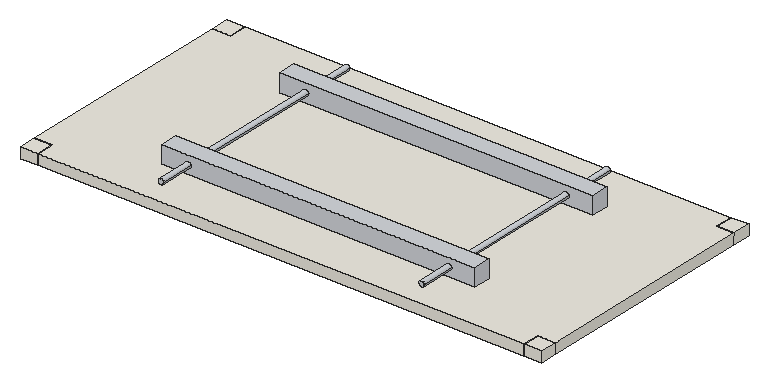
Revit family "LED-PL-CSVT", category Осветительные приборы, Revit 2019 (continued)
Types (9, lengths in mm): name | built-in parameter 1150134 | Файл фотометрической сетки | built-in parameter 1150105 | Lumens | built-in parameter 1150106 | built-in parameter 1150142 | Wattage | built-in parameter 1150107 | Emit from Rectangle Width | Emit from Rectangle Length | Длина | Ширина | L1 | L | ADSK_Ток | ADSK_Полная мощность | ADSK_Обозначение | ADSK_Номинальная мощность | ADSK_Наименование | ADSK_Масса | ADSK_Код изделия
  LED PL-CSVT-38 295x1195 х10 (KROKUS) (IP54/IP20, 4000K, белый) c БАП на 1 час | 12 | "Светильник LED-PL-CSVT-38-(295x1195).IES" | 302.39 (stored number, unit not read) | 3800 lm | 3.0239 (stored number, unit not read) | "IESNA:LM-63-95\r\n[TEST] Протокол № 50-12 \r\n[DATA] 20.06.2016\r\n[MORE] \r\n[MANUFAC] ЗАО \"Центрстройсвет\"\r\n[LUMCAT]  Светильник ALUMOGIPS-38/OPAL-SAND-(610x610)\r\n[LUMINAIRE]\r\n[LAMPCAT] Светодиоды\r\n[LAMP] Поток источника света (светодиодов) не известен\r\n[MORE] КСС приведена в абсолютных величинах кд\r\n[MORE] Вместо потока лампы, указан поток светильника.\r\nTILT=NONE\r\n1    3750 1.0 37 73 1 2 0.61 0.61 0.04\r\n1.0 1.0 38.7\r\n0.0 5.0 10.0 15.0 20.0 25.0 30.0 35.0 40.0 45.0 50.0 55.0 60.0 65.0 70.0 75.0 80.0 85.0 90.0 95.0 100.0 105.0 110.0 115.0 120.0 125.0 130.0 135.0 140.0 145.0 150.0 155.0 160.0 165.0 170.0 175.0 180.0\r\n0.0 5.0 10.0 15.0 20.0 25.0 30.0 35.0 40.0 45.0 50.0 55.0 60.0 65.0 70.0 75.0 80.0 85.0 90.0 95.0 100.0 105.0 110.0 115.0 120.0 125.0 130.0 135.0 140.0 145.0 150.0 155.0 160.0 165.0 170.0 175.0 180.0 185.0 190.0 195.0 200.0 205.0 210.0 215.0 220.0 225.0 230.0 235.0 240.0 245.0 250.0 255.0 260.0 265.0 270.0 275.0 280.0 285.0 290.0 295.0 300.0 305.0 310.0 315.0 320.0 325.0 330.0 335.0 340.0 345.0 350.0 355.0 360.0\r\n1391.4 1390.6 1365.7 1330.6 1277.5 1214.9 1147.5 1059.6 967.6 873.2 772.4 664.9 556.3 449.1 342.7 240.6 147.1 64.2 4.7 0.0 0.0 0.0 0.0 0.0 0.0 0.0 0.0 0.0 0.0 0.0 0.0 0.0 0.0 0.0 0.0 0.0 0.0\r\n1391.4 1390.5 1367.8 1332.7 1284.3 1221.3 1147.0 1062.1 969.2 872.4 773.2 666.3 557.1 450.1 343.8 241.9 146.9 64.7 5.2 0.0 0.0 0.0 0.0 0.0 0.0 0.0 0.0 0.0 0.0 0.0 0.0 0.0 0.0 0.0 0.0 0.0 0.0\r\n1391.4 1390.2 1372.0 1333.3 1277.3 1216.8 1144.5 1057.4 969.6 875.1 773.8 669.5 560.0 454.6 345.8 242.4 148.5 65.8 5.4 0.0 0.0 0.0 0.0 0.0 0.0 0.0 0.0 0.0 0.0 0.0 0.0 0.0 0.0 0.0 0.0 0.0 0.0\r\n1391.4 1389.8 1371.2 1330.7 1279.5 1220.5 1148.3 1059.9 967.7 873.2 767.5 666.8 561.4 453.0 347.1 243.7 149.9 65.6 5.8 0.0 0.0 0.0 0.0 0.0 0.0 0.0 0.0 0.0 0.0 0.0 0.0 0.0 0.0 0.0 0.0 0.0 0.0\r\n1391.4 1389.8 1368.3 1329.3 1285.0 1214.6 1141.1 1058.7 971.8 871.3 775.2 666.9 559.4 452.6 345.8 242.5 150.0 65.8 6.1 0.0 0.0 0.0 0.0 0.0 0.0 0.0 0.0 0.0 0.0 0.0 0.0 0.0 0.0 0.0 0.0 0.0 0.0\r\n1391.4 1390.5 1367.3 1332.3 1281.7 1219.0 1142.8 1064.6 970.5 874.4 772.1 667.5 560.2 453.0 346.2 241.8 149.4 65.7 5.6 0.0 0.0 0.0 0.0 0.0 0.0 0.0 0.0 0.0 0.0 0.0 0.0 0.0 0.0 0.0 0.0 0.0 0.0\r\n1391.4 1391.4 1368.1 1333.5 1277.3 1215.7 1139.0 1059.6 968.1 872.4 771.6 667.4 558.8 453.3 344.3 243.9 148.4 65.7 5.4 0.0 0.0 0.0 0.0 0.0 0.0 0.0 0.0 0.0 0.0 0.0 0.0 0.0 0.0 0.0 0.0 0.0 0.0\r\n1391.4 1391.7 1368.1 1330.4 1278.2 1213.9 1142.4 1061.6 967.4 875.1 772.0 669.3 561.1 452.5 345.2 242.1 148.3 65.4 5.5 0.0 0.0 0.0 0.0 0.0 0.0 0.0 0.0 0.0 0.0 0.0 0.0 0.0 0.0 0.0 0.0 0.0 0.0\r\n1391.4 1391.5 1371.0 1328.4 1278.5 1216.7 1142.1 1061.2 971.8 874.7 772.1 668.9 560.8 452.9 345.4 243.3 147.7 66.0 5.4 0.0 0.0 0.0 0.0 0.0 0.0 0.0 0.0 0.0 0.0 0.0 0.0 0.0 0.0 0.0 0.0 0.0 0.0\r\n1391.4 1391.5 1373.2 1330.5 1277.3 1215.5 1143.2 1063.6 967.0 872.7 772.2 669.4 558.9 453.2 346.6 241.9 148.1 65.2 5.5 0.0 0.0 0.0 0.0 0.0 0.0 0.0 0.0 0.0 0.0 0.0 0.0 0.0 0.0 0.0 0.0 0.0 0.0\r\n1391.4 1391.4 1369.7 1328.3 1281.3 1216.0 1139.8 1057.9 968.7 875.3 773.9 667.6 561.8 454.0 344.0 243.1 147.2 65.6 5.5 0.0 0.0 0.0 0.0 0.0 0.0 0.0 0.0 0.0 0.0 0.0 0.0 0.0 0.0 0.0 0.0 0.0 0.0\r\n1391.4 1390.5 1367.9 1330.1 1278.1 1218.1 1138.9 1061.0 970.0 871.8 770.4 669.3 560.2 453.4 346.9 242.1 148.3 65.2 5.2 0.0 0.0 0.0 0.0 0.0 0.0 0.0 0.0 0.0 0.0 0.0 0.0 0.0 0.0 0.0 0.0 0.0 0.0\r\n1391.4 1389.3 1368.2 1329.1 1280.8 1214.4 1142.5 1059.2 967.2 874.3 772.4 668.0 563.1 452.3 345.7 242.8 146.8 64.9 5.1 0.0 0.0 0.0 0.0 0.0 0.0 0.0 0.0 0.0 0.0 0.0 0.0 0.0 0.0 0.0 0.0 0.0 0.0\r\n1391.4 1388.6 1367.4 1327.8 1278.0 1215.7 1141.0 1061.0 971.5 877.3 771.2 667.3 561.5 453.0 346.4 242.4 146.3 64.8 5.2 0.0 0.0 0.0 0.0 0.0 0.0 0.0 0.0 0.0 0.0 0.0 0.0 0.0 0.0 0.0 0.0 0.0 0.0\r\n1391.4 1388.0 1367.6 1326.7 1278.3 1218.0 1140.9 1061.5 968.4 873.4 770.1 666.6 562.1 454.6 344.8 241.8 146.4 64.0 5.5 0.0 0.0 0.0 0.0 0.0 0.0 0.0 0.0 0.0 0.0 0.0 0.0 0.0 0.0 0.0 0.0 0.0 0.0\r\n1391.4 1387.2 1366.1 1331.0 1281.4 1216.3 1142.7 1059.1 969.4 871.5 772.2 667.3 560.5 453.0 344.4 242.2 146.4 63.8 5.6 0.0 0.0 0.0 0.0 0.0 0.0 0.0 0.0 0.0 0.0 0.0 0.0 0.0 0.0 0.0 0.0 0.0 0.0\r\n1391.4 1387.1 1366.3 1328.7 1276.9 1214.5 1141.2 1059.3 968.4 874.3 775.5 668.3 562.5 454.9 346.4 241.3 146.2 63.5 5.7 0.0 0.0 0.0 0.0 0.0 0.0 0.0 0.0 0.0 0.0 0.0 0.0 0.0 0.0 0.0 0.0 0.0 0.0\r\n1391.4 1388.4 1366.0 1329.7 1279.2 1217.9 1140.0 1060.5 969.0 873.9 772.0 671.3 560.4 453.2 343.7 241.7 145.8 63.7 5.4 0.0 0.0 0.0 0.0 0.0 0.0 0.0 0.0 0.0 0.0 0.0 0.0 0.0 0.0 0.0 0.0 0.0 0.0\r\n1391.4 1389.6 1367.7 1329.3 1277.2 1211.1 1140.1 1061.0 971.0 871.2 769.2 669.1 561.5 453.1 343.3 241.9 145.8 63.4 5.2 0.0 0.0 0.0 0.0 0.0 0.0 0.0 0.0 0.0 0.0 0.0 0.0 0.0 0.0 0.0 0.0 0.0 0.0\r\n1391.4 1388.8 1366.9 1327.1 1279.4 1214.2 1142.5 1056.4 970.7 870.3 771.0 665.1 560.4 453.3 343.8 241.1 145.7 63.4 5.2 0.0 0.0 0.0 0.0 0.0 0.0 0.0 0.0 0.0 0.0 0.0 0.0 0.0 0.0 0.0 0.0 0.0 0.0\r\n1391.4 1387.2 1365.8 1328.9 1276.6 1210.2 1141.4 1059.3 966.6 871.4 770.5 667.4 559.2 451.4 344.2 241.0 145.6 63.2 5.1 0.0 0.0 0.0 0.0 0.0 0.0 0.0 0.0 0.0 0.0 0.0 0.0 0.0 0.0 0.0 0.0 0.0 0.0\r\n1391.4 1386.8 1364.4 1329.8 1279.4 1213.7 1144.0 1059.0 965.3 873.7 768.8 668.9 559.4 449.5 342.6 241.5 144.6 63.4 5.0 0.0 0.0 0.0 0.0 0.0 0.0 0.0 0.0 0.0 0.0 0.0 0.0 0.0 0.0 0.0 0.0 0.0 0.0\r\n1391.4 1388.1 1365.8 1328.1 1273.8 1213.4 1137.9 1059.2 967.3 869.2 769.3 667.7 558.4 451.4 344.0 240.6 145.7 63.4 4.9 0.0 0.0 0.0 0.0 0.0 0.0 0.0 0.0 0.0 0.0 0.0 0.0 0.0 0.0 0.0 0.0 0.0 0.0\r\n1391.4 1389.2 1364.4 1323.2 1276.3 1213.8 1137.6 1055.3 963.1 871.0 767.7 664.1 559.7 447.1 342.4 240.1 145.2 63.9 5.1 0.0 0.0 0.0 0.0 0.0 0.0 0.0 0.0 0.0 0.0 0.0 0.0 0.0 0.0 0.0 0.0 0.0 0.0\r\n1391.4 1388.4 1362.3 1326.8 1274.4 1212.2 1137.9 1054.7 966.7 867.9 768.7 663.4 557.3 449.2 343.3 240.0 145.7 63.6 5.0 0.0 0.0 0.0 0.0 0.0 0.0 0.0 0.0 0.0 0.0 0.0 0.0 0.0 0.0 0.0 0.0 0.0 0.0\r\n1391.4 1386.2 1361.8 1326.5 1273.3 1211.2 1134.5 1048.6 964.3 866.3 767.8 662.9 556.7 449.5 341.9 239.8 145.7 63.7 5.0 0.0 0.0 0.0 0.0 0.0 0.0 0.0 0.0 0.0 0.0 0.0 0.0 0.0 0.0 0.0 0.0 0.0 0.0\r\n1391.4 1384.4 1363.5 1324.4 1272.0 1209.5 1137.2 1053.0 960.2 867.5 767.9 662.7 556.7 449.2 342.5 239.1 146.2 63.8 4.8 0.0 0.0 0.0 0.0 0.0 0.0 0.0 0.0 0.0 0.0 0.0 0.0 0.0 0.0 0.0 0.0 0.0 0.0\r\n1391.4 1383.7 1362.4 1324.4 1274.0 1209.5 1134.4 1050.1 965.4 864.9 764.6 662.3 556.6 447.9 340.5 240.3 145.5 64.6 4.6 0.0 0.0 0.0 0.0 0.0 0.0 0.0 0.0 0.0 0.0 0.0 0.0 0.0 0.0 0.0 0.0 0.0 0.0\r\n1391.4 1384.4 1361.9 1326.9 1270.2 1207.3 1132.7 1050.1 959.7 867.7 763.1 662.2 555.0 447.3 343.0 238.3 145.8 63.9 4.7 0.0 0.0 0.0 0.0 0.0 0.0 0.0 0.0 0.0 0.0 0.0 0.0 0.0 0.0 0.0 0.0 0.0 0.0\r\n1391.4 1385.1 1363.0 1320.0 1270.4 1207.9 1134.4 1055.0 963.5 867.3 766.7 660.7 555.9 450.1 342.6 240.2 145.9 64.3 4.9 0.0 0.0 0.0 0.0 0.0 0.0 0.0 0.0 0.0 0.0 0.0 0.0 0.0 0.0 0.0 0.0 0.0 0.0\r\n1391.4 1384.9 1362.3 1321.4 1273.1 1208.0 1135.4 1052.3 961.9 865.0 764.0 660.8 553.5 447.6 341.2 240.3 146.1 63.8 4.8 0.0 0.0 0.0 0.0 0.0 0.0 0.0 0.0 0.0 0.0 0.0 0.0 0.0 0.0 0.0 0.0 0.0 0.0\r\n1391.4 1383.8 1361.2 1322.1 1265.1 1211.5 1132.8 1049.3 961.3 863.4 764.0 661.0 550.7 447.9 341.0 240.1 146.2 63.8 4.6 0.0 0.0 0.0 0.0 0.0 0.0 0.0 0.0 0.0 0.0 0.0 0.0 0.0 0.0 0.0 0.0 0.0 0.0\r\n1391.4 1382.8 1359.3 1321.5 1269.3 1206.8 1132.8 1051.1 958.3 863.2 763.1 662.7 553.4 448.0 340.4 240.0 145.8 63.8 4.0 0.0 0.0 0.0 0.0 0.0 0.0 0.0 0.0 0.0 0.0 0.0 0.0 0.0 0.0 0.0 0.0 0.0 0.0\r\n1391.4 1382.6 1359.0 1319.6 1268.1 1204.3 1129.8 1049.0 957.7 861.8 761.7 658.4 554.2 446.1 340.4 239.0 145.6 63.8 3.8 0.0 0.0 0.0 0.0 0.0 0.0 0.0 0.0 0.0 0.0 0.0 0.0 0.0 0.0 0.0 0.0 0.0 0.0\r\n1391.4 1382.8 1358.5 1315.8 1266.5 1202.1 1128.5 1049.2 957.6 860.0 762.1 658.2 549.9 443.8 339.6 238.4 145.7 63.6 3.7 0.0 0.0 0.0 0.0 0.0 0.0 0.0 0.0 0.0 0.0 0.0 0.0 0.0 0.0 0.0 0.0 0.0 0.0\r\n1391.4 1382.2 1360.5 1319.2 1265.9 1204.5 1129.9 1046.9 955.0 862.9 758.9 657.9 552.5 444.9 338.9 238.8 145.3 63.6 3.3 0.0 0.0 0.0 0.0 0.0 0.0 0.0 0.0 0.0 0.0 0.0 0.0 0.0 0.0 0.0 0.0 0.0 0.0\r\n1391.4 1381.1 1361.2 1321.0 1268.1 1203.8 1128.8 1047.4 955.6 863.7 761.1 656.4 551.5 445.2 339.2 238.5 144.7 62.5 3.5 0.0 0.0 0.0 0.0 0.0 0.0 0.0 0.0 0.0 0.0 0.0 0.0 0.0 0.0 0.0 0.0 0.0 0.0\r\n1391.4 1380.6 1359.0 1316.4 1268.5 1204.0 1126.1 1049.5 956.2 859.6 759.7 656.5 549.2 444.3 338.4 236.1 143.8 61.6 3.2 0.0 0.0 0.0 0.0 0.0 0.0 0.0 0.0 0.0 0.0 0.0 0.0 0.0 0.0 0.0 0.0 0.0 0.0\r\n1391.4 1380.7 1356.6 1316.0 1267.0 1205.6 1130.3 1044.8 956.9 856.7 759.3 653.5 548.1 441.9 335.3 235.4 141.4 60.3 2.9 0.0 0.0 0.0 0.0 0.0 0.0 0.0 0.0 0.0 0.0 0.0 0.0 0.0 0.0 0.0 0.0 0.0 0.0\r\n1391.4 1380.4 1354.4 1317.9 1268.8 1199.0 1129.0 1044.0 956.9 860.6 758.3 656.9 549.1 442.0 334.4 236.1 141.7 60.5 2.6 0.0 0.0 0.0 0.0 0.0 0.0 0.0 0.0 0.0 0.0 0.0 0.0 0.0 0.0 0.0 0.0 0.0 0.0\r\n1391.4 1380.1 1356.7 1322.1 1264.6 1201.7 1129.9 1047.4 957.2 859.7 758.2 656.1 549.4 442.8 335.3 235.8 141.3 60.6 2.3 0.0 0.0 0.0 0.0 0.0 0.0 0.0 0.0 0.0 0.0 0.0 0.0 0.0 0.0 0.0 0.0 0.0 0.0\r\n1391.4 1379.9 1357.3 1317.5 1265.9 1207.8 1129.2 1046.5 955.7 860.2 758.6 656.9 550.7 441.9 335.4 233.9 140.6 60.2 2.4 0.0 0.0 0.0 0.0 0.0 0.0 0.0 0.0 0.0 0.0 0.0 0.0 0.0 0.0 0.0 0.0 0.0 0.0\r\n1391.4 1379.2 1355.5 1314.6 1269.3 1203.7 1133.5 1044.8 957.2 857.9 762.0 656.6 548.7 440.4 335.9 234.5 140.4 59.8 2.8 0.0 0.0 0.0 0.0 0.0 0.0 0.0 0.0 0.0 0.0 0.0 0.0 0.0 0.0 0.0 0.0 0.0 0.0\r\n1391.4 1377.9 1357.1 1319.2 1271.9 1204.4 1128.6 1050.2 953.1 856.9 757.6 653.7 548.9 439.9 335.4 232.4 140.5 59.2 3.0 0.0 0.0 0.0 0.0 0.0 0.0 0.0 0.0 0.0 0.0 0.0 0.0 0.0 0.0 0.0 0.0 0.0 0.0\r\n1391.4 1377.2 1356.3 1322.9 1266.0 1204.8 1132.2 1049.0 958.1 859.3 759.0 654.6 547.0 441.6 334.9 232.1 139.3 58.8 2.9 0.0 0.0 0.0 0.0 0.0 0.0 0.0 0.0 0.0 0.0 0.0 0.0 0.0 0.0 0.0 0.0 0.0 0.0\r\n1391.4 1377.8 1353.8 1319.7 1269.6 1207.9 1135.8 1049.5 955.8 858.0 762.4 655.9 548.2 441.6 335.6 231.7 139.4 58.8 2.8 0.0 0.0 0.0 0.0 0.0 0.0 0.0 0.0 0.0 0.0 0.0 0.0 0.0 0.0 0.0 0.0 0.0 0.0\r\n1391.4 1378.5 1355.2 1319.8 1267.3 1206.5 1131.2 1046.1 954.6 861.2 756.6 653.8 548.1 440.3 335.0 232.6 138.6 59.0 2.9 0.0 0.0 0.0 0.0 0.0 0.0 0.0 0.0 0.0 0.0 0.0 0.0 0.0 0.0 0.0 0.0 0.0 0.0\r\n1391.4 1378.6 1355.1 1318.3 1269.7 1200.8 1133.1 1049.0 957.6 862.5 762.4 656.9 549.3 443.5 334.7 231.2 138.8 58.1 3.0 0.0 0.0 0.0 0.0 0.0 0.0 0.0 0.0 0.0 0.0 0.0 0.0 0.0 0.0 0.0 0.0 0.0 0.0\r\n1391.4 1378.8 1355.8 1321.7 1268.8 1210.0 1129.0 1048.5 958.8 862.4 762.2 656.4 549.0 441.1 335.4 231.5 138.5 58.1 3.0 0.0 0.0 0.0 0.0 0.0 0.0 0.0 0.0 0.0 0.0 0.0 0.0 0.0 0.0 0.0 0.0 0.0 0.0\r\n1391.4 1379.6 1357.6 1321.7 1269.0 1207.1 1133.9 1047.0 964.1 863.3 761.9 656.4 551.5 440.7 334.9 232.2 137.6 58.1 2.8 0.0 0.0 0.0 0.0 0.0 0.0 0.0 0.0 0.0 0.0 0.0 0.0 0.0 0.0 0.0 0.0 0.0 0.0\r\n1391.4 1380.6 1357.7 1319.2 1272.0 1207.5 1131.3 1054.6 959.0 863.3 764.8 655.9 549.1 443.0 335.1 231.3 138.0 58.1 2.7 0.0 0.0 0.0 0.0 0.0 0.0 0.0 0.0 0.0 0.0 0.0 0.0 0.0 0.0 0.0 0.0 0.0 0.0\r\n1391.4 1381.5 1358.5 1321.9 1271.0 1204.1 1135.9 1055.8 962.5 865.5 761.1 656.9 550.6 442.0 335.3 231.9 137.4 57.9 2.6 0.0 0.0 0.0 0.0 0.0 0.0 0.0 0.0 0.0 0.0 0.0 0.0 0.0 0.0 0.0 0.0 0.0 0.0\r\n1391.4 1381.3 1358.5 1322.3 1270.8 1207.2 1133.7 1051.9 958.0 867.3 767.5 657.0 552.1 442.3 333.6 231.2 137.9 57.8 2.6 0.0 0.0 0.0 0.0 0.0 0.0 0.0 0.0 0.0 0.0 0.0 0.0 0.0 0.0 0.0 0.0 0.0 0.0\r\n1391.4 1380.6 1359.4 1319.7 1270.6 1209.0 1133.0 1052.1 963.9 867.5 764.1 660.0 554.0 443.3 334.8 231.7 137.6 57.8 2.7 0.0 0.0 0.0 0.0 0.0 0.0 0.0 0.0 0.0 0.0 0.0 0.0 0.0 0.0 0.0 0.0 0.0 0.0\r\n1391.4 1381.3 1359.9 1321.3 1270.6 1204.8 1135.0 1051.3 962.1 865.5 761.7 660.3 553.1 443.5 334.1 231.9 137.9 57.8 2.8 0.0 0.0 0.0 0.0 0.0 0.0 0.0 0.0 0.0 0.0 0.0 0.0 0.0 0.0 0.0 0.0 0.0 0.0\r\n1391.4 1383.1 1362.1 1324.8 1273.8 1208.7 1134.8 1055.9 961.8 866.4 762.3 659.7 552.4 443.7 334.4 232.8 138.0 58.0 2.8 0.0 0.0 0.0 0.0 0.0 0.0 0.0 0.0 0.0 0.0 0.0 0.0 0.0 0.0 0.0 0.0 0.0 0.0\r\n1391.4 1384.6 1360.4 1321.7 1272.0 1210.6 1130.9 1052.5 963.1 866.7 767.4 659.3 553.7 444.6 335.4 233.1 138.3 58.0 2.8 0.0 0.0 0.0 0.0 0.0 0.0 0.0 0.0 0.0 0.0 0.0 0.0 0.0 0.0 0.0 0.0 0.0 0.0\r\n1391.4 1385.6 1357.5 1324.7 1273.9 1211.6 1134.3 1052.7 963.6 865.4 763.1 658.7 552.2 444.9 336.9 232.8 138.8 58.6 2.9 0.0 0.0 0.0 0.0 0.0 0.0 0.0 0.0 0.0 0.0 0.0 0.0 0.0 0.0 0.0 0.0 0.0 0.0\r\n1391.4 1386.4 1357.8 1323.4 1273.2 1212.2 1136.3 1054.7 967.5 867.5 764.0 659.4 553.3 443.7 336.8 233.2 138.9 58.5 3.1 0.0 0.0 0.0 0.0 0.0 0.0 0.0 0.0 0.0 0.0 0.0 0.0 0.0 0.0 0.0 0.0 0.0 0.0\r\n1391.4 1386.6 1362.0 1324.9 1273.2 1211.3 1139.0 1049.9 960.3 866.4 768.0 661.3 552.2 443.4 336.3 233.4 139.8 58.9 3.1 0.0 0.0 0.0 0.0 0.0 0.0 0.0 0.0 0.0 0.0 0.0 0.0 0.0 0.0 0.0 0.0 0.0 0.0\r\n1391.4 1386.0 1360.5 1326.0 1271.8 1212.0 1137.2 1059.3 963.5 867.6 766.9 661.2 552.3 445.8 337.8 233.6 141.0 59.2 3.3 0.0 0.0 0.0 0.0 0.0 0.0 0.0 0.0 0.0 0.0 0.0 0.0 0.0 0.0 0.0 0.0 0.0 0.0\r\n1391.4 1385.0 1362.3 1325.1 1272.0 1207.1 1138.5 1053.6 964.5 865.8 766.5 661.6 554.3 445.9 337.0 234.5 140.4 60.2 3.5 0.0 0.0 0.0 0.0 0.0 0.0 0.0 0.0 0.0 0.0 0.0 0.0 0.0 0.0 0.0 0.0 0.0 0.0\r\n1391.4 1384.4 1361.8 1323.6 1274.0 1214.8 1138.9 1053.9 968.0 867.9 769.0 663.8 555.6 446.7 339.6 235.0 141.3 60.4 3.4 0.0 0.0 0.0 0.0 0.0 0.0 0.0 0.0 0.0 0.0 0.0 0.0 0.0 0.0 0.0 0.0 0.0 0.0\r\n1391.4 1385.0 1360.9 1322.2 1272.4 1209.8 1137.2 1055.7 962.7 869.7 769.6 658.2 556.6 447.4 338.5 236.2 142.5 60.7 3.4 0.0 0.0 0.0 0.0 0.0 0.0 0.0 0.0 0.0 0.0 0.0 0.0 0.0 0.0 0.0 0.0 0.0 0.0\r\n1391.4 1386.6 1363.1 1323.6 1272.5 1211.5 1139.2 1058.4 969.9 868.0 768.8 664.6 556.3 445.8 342.1 236.1 142.3 61.2 3.5 0.0 0.0 0.0 0.0 0.0 0.0 0.0 0.0 0.0 0.0 0.0 0.0 0.0 0.0 0.0 0.0 0.0 0.0\r\n1391.4 1388.6 1360.9 1330.2 1273.7 1213.2 1138.7 1058.3 966.2 867.0 766.8 663.4 553.3 447.1 339.2 238.7 143.0 61.4 3.8 0.0 0.0 0.0 0.0 0.0 0.0 0.0 0.0 0.0 0.0 0.0 0.0 0.0 0.0 0.0 0.0 0.0 0.0\r\n1391.4 1389.8 1360.8 1328.4 1276.8 1216.0 1140.1 1055.8 963.1 870.3 768.4 663.1 554.0 449.1 340.1 237.3 144.8 61.7 3.8 0.0 0.0 0.0 0.0 0.0 0.0 0.0 0.0 0.0 0.0 0.0 0.0 0.0 0.0 0.0 0.0 0.0 0.0\r\n1391.4 1389.3 1362.5 1325.9 1278.0 1210.4 1138.2 1054.7 967.8 872.7 770.2 661.9 556.5 446.9 341.3 237.7 144.4 62.5 3.9 0.0 0.0 0.0 0.0 0.0 0.0 0.0 0.0 0.0 0.0 0.0 0.0 0.0 0.0 0.0 0.0 0.0 0.0\r\n1391.4 1387.8 1365.8 1326.6 1274.3 1213.2 1141.4 1053.1 966.2 871.2 768.4 663.7 555.0 447.1 341.3 238.2 144.3 62.7 4.1 0.0 0.0 0.0 0.0 0.0 0.0 0.0 0.0 0.0 0.0 0.0 0.0 0.0 0.0 0.0 0.0 0.0 0.0\r\n1391.4 1387.2 1364.2 1328.3 1274.8 1209.4 1145.0 1060.0 963.9 867.5 766.5 663.4 556.7 448.2 340.9 240.3 144.7 63.3 4.0 0.0 0.0 0.0 0.0 0.0 0.0 0.0 0.0 0.0 0.0 0.0 0.0 0.0 0.0 0.0 0.0 0.0 0.0\r\n1391.4 1388.4 1364.9 1332.6 1279.0 1215.6 1140.9 1056.3 969.3 867.1 770.0 663.8 559.0 449.0 342.4 240.3 145.7 63.3 4.7 0.0 0.0 0.0 0.0 0.0 0.0 0.0 0.0 0.0 0.0 0.0 0.0 0.0 0.0 0.0 0.0 0.0 0.0\r\n1391.4 1390.0 1364.5 1329.3 1281.4 1217.7 1141.3 1063.3 970.3 871.1 768.8 663.5 555.2 449.3 342.4 239.8 146.6 63.3 4.9 0.0 0.0 0.0 0.0 0.0 0.0 0.0 0.0 0.0 0.0 0.0 0.0 0.0 0.0 0.0 0.0 0.0 0.0\r\n1391.4 1390.6 1365.7 1330.6 1277.5 1214.9 1147.5 1059.6 967.6 873.2 772.4 664.9 556.3 449.1 342.7 240.6 147.1 64.2 4.7 0.0 0.0 0.0 0.0 0.0 0.0 0.0 0.0 0.0 0.0 0.0 0.0 0.0 0.0 0.0 0.0 0.0 0.0\r\n" | 25.582 W | 4000 (stored number, unit not read) | 255 | 1155 | 1195 | 295 | 147.5 | 597.5 | 0.179584 A | 41.3043 VA | "LED PL-CSVT-38 295x1195 х10 (KROKUS) (IP54/IP20, 4000K, белый)" | 38 W | "Ультратонкая светодиодная панель LED PL-CSVT-38 295x1195
     х10 (KROKUS) (IP54/IP20, 4000K, белый) c БАП на 1 час" | 3.4 | "ЦБ000007522"
